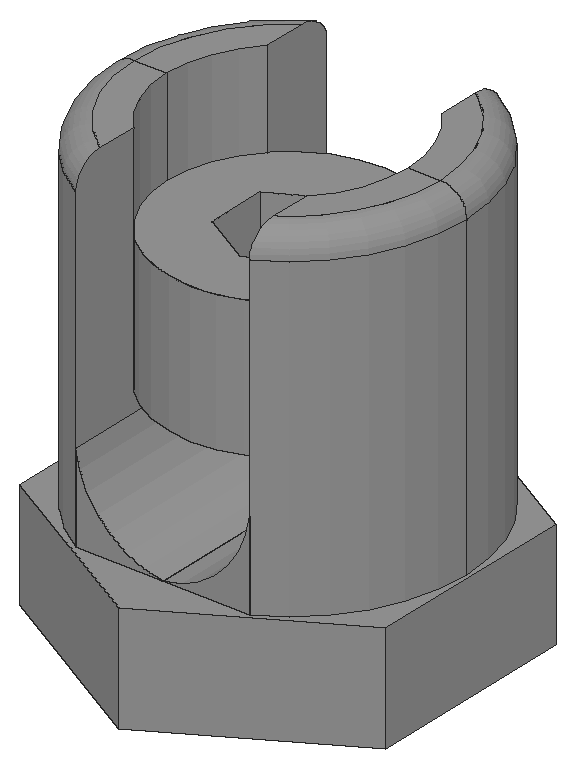
Revit family "EKL 35 M6 ISK Erdungsklemme", category Generic Models, Revit 2017
Family settings
  Can host rebar = No
  Round Connector Dimension = Use Diameter
  Part Type = Normal
  Work Plane-Based = No
  Always vertical = Yes
  Cut with Voids When Loaded = No
  Shared = No
  Room Calculation Point = No
Parameters (values of type "EKL 35 M6 ISK")
  URL = "http://www.obo-bettermann.com"
  Material = Messing
  Manufacturer Art.No. = "6404016"
  Manufacturer = "OBO BETTERMANN"
  GTIN = "4012196708529"
  Article Type = "EKL 35 M6 ISK"
Reference planes
  plane 1 "Center (Front/Back)": y = 0
  plane 2: z = 0
  plane 3 "Center (Left/Right)": x = 0
  plane 4: z = 6.2
  plane 5: z = 26
  plane 6: z = 12.5
  plane 7: z = 20.5
  plane 8: z = 16.464
Forms (mm)
  Revolve 1, solid, material "Messing" <- "Material"
    sketch origin (0, 0, 0) x (1, 0, 0) y (0, 0, 1)
      loop
        line (0, 26) -> (0, 6.2) -> (10.3, 6.2) -> (10.3, 24.5)
        arc (10.3, 24.5) -> (9.861, 25.561) -> (8.8, 26) r 1.5
        line (8.8, 26) -> (0, 26)
      axis (0, 26) -> (0, 6.2)
    angle from 0 to 360
  Extrusion 2, void
    sketch origin (0, 0, 0) x (1, 0, 0) y (0, 1, 0)
      loop
        line (0, 10.74) -> (-5, 10.74) -> (-5, -10.617) -> (5, -10.617) -> (5, 10.74) -> (0, 10.74)
    from 6.2 to 26
  Extrusion 3, void
    sketch origin (0, 0, 0) x (1, 0, 0) y (0, 1, 0)
      loop
        circle (0, 0) r 6.956
    from 12.5 to 26
  Extrusion 4, solid, material "Messing" <- "Material"
    sketch origin (0, 0, 0) x (1, 0, 0) y (0, 1, 0)
      loop
        circle (0, 0) r 6.956
    from 12.5 to 20.5
  Extrusion 5, void
    sketch origin (0, 0, 0) x (1, 0, 0) y (0, 1, 0)
      loop
        line (3.009, 1.737) -> (0, 3.474) -> (-3.009, 1.737) -> (-3.009, -1.737) -> (0, -3.474) -> (3.009, -1.737) -> (3.009, 1.737)
    from 16.464 to 20.5
  Extrusion 6, solid, material "Messing" <- "Material"
    sketch origin (0, 0, 0) x (1, 0, 0) y (0, 1, 0)
      loop
        line (10.534, 6.082) -> (0, 12.163) -> (-10.534, 6.082) -> (-10.534, -6.082) -> (0, -12.163) -> (10.534, -6.082) -> (10.534, 6.082)
    from 6.2 to 0
  Extrusion 7, void
    sketch origin (0, 0, 0) x (1, 0, 0) y (0, 1, 0)
      loop
        line (3.009, 1.737) -> (0, 3.474) -> (-3.009, 1.737) -> (-3.009, -1.737) -> (0, -3.474) -> (3.009, -1.737) -> (3.009, 1.737)
    from 0 to 6.2
  Extrusion 8, solid, material "Messing" <- "Material"
    sketch origin (0, 0, 0) x (1, 0, 0) y (0, 0, 1)
      loop
        arc (5, 11.331) -> (3.395, 7.893) -> (0, 6.2) r 5.759
        line (0, 6.2) -> (5, 6.2) -> (5, 11.331)
    from -9.001 to 8.988
  Extrusion 9, solid, material "Messing" <- "Material"
    sketch origin (0, 0, 0) x (-1, 0, 0) y (0, 0, -1)
      loop
        line (5, -11.331) -> (5, -6.2) -> (0, -6.2)
        arc (0, -6.2) -> (3.395, -7.893) -> (5, -11.331) r 5.759
    from -9.001 to 8.988
Cuts and joins
  Extrusion 2, Extrusion 3 cuts Revolve 1
  Extrusion 5, Extrusion 7 cuts Extrusion 4
  Extrusion 7 cuts Extrusion 6
Dimensions and locks
  locked: plane 4 to level at 6.2
  locked: plane 3 "Center (Left/Right)" to Extrusion 4 sketch curve
  locked: plane 3 "Center (Left/Right)" to cut or joined group of Revolve 1, Extrusion 2, Extrusion 3 at 6.956
  locked: Extrusion 4 to Extrusion 4 at 8
  locked: plane 5 to Extrusion 4 at 5.5
  locked: Extrusion 5 sketch curve to Extrusion 5 sketch curve at 6.017
  locked: plane 3 "Center (Left/Right)" to Extrusion 5 sketch curve at 3.009
  locked: plane 7 to plane 8 at 4.036
  locked: plane 3 "Center (Left/Right)" to Extrusion 6 sketch curve at 10.534
  locked: Extrusion 6 sketch curve to Extrusion 6 sketch curve at 21.068
  locked: cut or joined group of Extrusion 4, Extrusion 5, Extrusion 7 to cut or joined group of Extrusion 4, Extrusion 5, Extrusion 7 at 6.017
  locked: plane 3 "Center (Left/Right)" to cut or joined group of Extrusion 4, Extrusion 5, Extrusion 7 at 3.009
  aligned and locked: level to plane 2
  aligned and locked: Revolve 1 sketch curve to plane 5
  aligned and locked: plane 4 to Revolve 1 sketch curve
  aligned and locked: Extrusion 2 to plane 4
  aligned and locked: plane 5 to Extrusion 2
  aligned and locked: Extrusion 3 to plane 6
  aligned and locked: Extrusion 4 to cut or joined group of Revolve 1, Extrusion 2, Extrusion 3
  aligned and locked: plane 7 to Extrusion 4
  aligned and locked: Extrusion 4 to plane 6
  aligned and locked: Extrusion 4 to Extrusion 5
  aligned and locked: Extrusion 5 to plane 8
  aligned and locked: Extrusion 6 to cut or joined group of Revolve 1, Extrusion 2, Extrusion 3
  aligned and locked: Extrusion 6 to level
  aligned and locked: plane 4 to Extrusion 6
  aligned and locked: Extrusion 7 to level
  aligned and locked: plane 4 to Extrusion 7
  aligned and locked: Extrusion 8 sketch curve to cut or joined group of Revolve 1, Extrusion 2, Extrusion 3
  aligned and locked: plane 4 to Extrusion 8 sketch curve
  aligned and locked: Extrusion 8 to Extrusion 9
  aligned and locked: Extrusion 9 to Extrusion 8
Automatic sketch dimensions
  Revolve 1 sketch curve to plane 3 "Center (Left/Right)" = 0 mm  (x2)
  Revolve 1 sketch curve to plane 5 = 1.5 mm
  plane 3 "Center (Left/Right)" to Revolve 1 sketch curve = 8.8 mm
  plane 5 to Revolve 1 sketch curve = 0.967 mm
  Revolve 1 sketch curve to Revolve 1 sketch curve = 2.331 mm
  Extrusion 2 sketch curve to plane 3 "Center (Left/Right)" = 0 mm
  Extrusion 2 sketch curve to plane 3 "Center (Left/Right)" = 5 mm
  plane 3 "Center (Left/Right)" to Extrusion 2 sketch curve = 5 mm
  plane 1 "Center (Front/Back)" to Extrusion 2 sketch curve = 10.617 mm
  Extrusion 2 sketch curve to plane 1 "Center (Front/Back)" = 10.74 mm
  plane 1 "Center (Front/Back)" to Extrusion 3 sketch curve = 0 mm
  Extrusion 3 sketch curve to plane 3 "Center (Left/Right)" = 0 mm
  plane 1 "Center (Front/Back)" to Extrusion 4 sketch curve = 0 mm
  Extrusion 5 sketch curve to plane 3 "Center (Left/Right)" = 0 mm  (x2)
  plane 1 "Center (Front/Back)" to Extrusion 5 sketch curve = 3.474 mm
  plane 1 "Center (Front/Back)" to Extrusion 5 sketch curve = 1.737 mm  (x2)
  Extrusion 5 sketch curve to plane 1 "Center (Front/Back)" = 1.737 mm  (x2)
  Extrusion 5 sketch curve to Extrusion 5 sketch curve = 1.737 mm
  Extrusion 6 sketch curve to plane 3 "Center (Left/Right)" = 0 mm  (x2)
  plane 1 "Center (Front/Back)" to Extrusion 6 sketch curve = 12.163 mm
  plane 1 "Center (Front/Back)" to Extrusion 6 sketch curve = 6.082 mm  (x2)
  Extrusion 6 sketch curve to plane 1 "Center (Front/Back)" = 6.082 mm  (x2)
  Extrusion 6 sketch curve to Extrusion 6 sketch curve = 6.082 mm
  Extrusion 8 sketch curve to plane 3 "Center (Left/Right)" = 0 mm
  Extrusion 8 sketch curve to plane 6 = 0.587 mm
  Extrusion 8 sketch curve to plane 3 "Center (Left/Right)" = 0.73 mm
  Extrusion 9 sketch curve to plane 3 "Center (Left/Right)" = 0 mm
  Extrusion 9 sketch curve to plane 4 = 0 mm
  Extrusion 9 sketch curve to plane 3 "Center (Left/Right)" = 0.73 mm
  plane 3 "Center (Left/Right)" to Extrusion 9 sketch curve = 5 mm
  plane 6 to Extrusion 9 sketch curve = 1.169 mm
  radius of Extrusion 3 sketch curve = 6.956 mm
  radius of Extrusion 4 sketch curve = 6.956 mm
